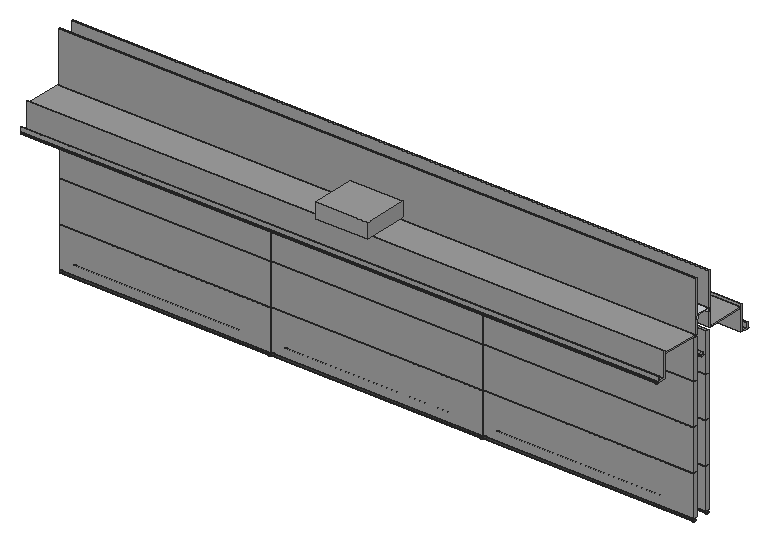
Revit family "Partition-4_Panels_High-Skyfold_Classic_Zenith-7-0_to_8-0_FC_2150_to_2440", category Generic Models, host Ceiling, Revit 2026 (continued)
Definition of nested family "2D Unfold Panels"
  Definition of nested family "vert fin bas"
    Lines and regions (in)
      model lines, in view "Ref. Level"
        curve 9: arc (0.31854, -6.01609, 0) -> (0.67056, -5.87118, 0) -> (0.81855, -5.52045, 0) r 0.50003
        curve 10: arc (0.81855, -5.52045, 0) -> (0.80449, -5.43168, 0) -> (0.75606, -5.35598, 0) r 0.21963
        curve 11: arc (-1.11903, -5.35598, 0) -> (-1.16746, -5.43168, 0) -> (-1.18152, -5.52045, 0) r 0.21963
        curve 12: arc (-1.18152, -5.52045, 0) -> (-1.03353, -5.87118, 0) -> (-0.68151, -6.01609, 0) r 0.50003
        curve 13: arc (-0.4315, -4.98096, 0) -> (-0.3431, -4.94435, 0) -> (-0.30649, -4.85595, 0) r 0.12501
        curve 14: arc (-0.05648, -4.85595, 0) -> (-0.01987, -4.94435, 0) -> (0.06853, -4.98096, 0) r 0.12501
        curve 15: arc (-1.18153, -4.85595, 0) -> (-1.26993, -4.89257, 0) -> (-1.30654, -4.98096, 0) r 0.12501
        curve 16: arc (-1.30654, -5.51606, 0) -> (-1.12347, -5.95803, 0) -> (-0.68151, -6.14109, 0) r 0.62503
        curve 17: arc (0.31854, -6.14109, 0) -> (0.7605, -5.95803, 0) -> (0.94357, -5.51606, 0) r 0.62503
        curve 18: arc (0.94357, -4.98096, 0) -> (0.90696, -4.89257, 0) -> (0.81857, -4.85595, 0) r 0.12501
        curve 19: line (-0.68151, -6.01609, 0) -> (0.31854, -6.01609, 0)
        curve 20: line (0.75606, -5.35598, 0) -> (-1.11903, -5.35598, 0)
        curve 21: line (0.06853, -4.98096, 0) -> (0.81857, -4.98096, 0)
        curve 22: line (0.81857, -4.98096, 0) -> (0.81857, -5.23097, 0)
        curve 23: line (0.81857, -5.23097, 0) -> (-1.18153, -5.23097, 0)
        curve 24: line (-1.18153, -5.23097, 0) -> (-1.18153, -4.98096, 0)
        curve 25: line (-1.18153, -4.98096, 0) -> (-0.4315, -4.98096, 0)
        curve 26: line (-0.30649, -4.85595, 0) -> (-0.30649, -3.23087, 0)
        curve 27: line (-0.30649, -3.23087, 0) -> (-0.05648, -3.23087, 0)
        curve 28: line (-0.05648, -3.23087, 0) -> (-0.05648, -4.85595, 0)
        curve 29: line (-0.93152, -4.98096, 0) -> (-0.93152, -4.85595, 0)
        curve 30: line (-0.93152, -4.85595, 0) -> (-1.18153, -4.85595, 0)
        curve 31: line (-1.30654, -4.98096, 0) -> (-1.30654, -5.51606, 0)
        curve 32: line (-0.68151, -6.14109, 0) -> (0.31854, -6.14109, 0)
        curve 33: line (0.94357, -5.51606, 0) -> (0.94357, -4.98096, 0)
        curve 34: line (0.81857, -4.85595, 0) -> (0.56855, -4.85595, 0)
        curve 35: line (0.56855, -4.85595, 0) -> (0.56855, -4.98096, 0)
      detail lines, in view "Ref. Level"
        curve 36: arc (5.68367, -5.84526, 0) -> (5.25399, -6.27494, 0) -> (4.8243, -5.84526, 0) r 0.42968
        curve 37: line (5.69353, 0.00284, 0) -> (5.69353, -4.27482, 0)
        curve 38: line (5.69353, -4.27482, 0) -> (5.44351, -4.27482, 0)
        curve 39: line (5.44351, -4.27482, 0) -> (5.68367, -5.84526, 0)
        curve 40: line (4.8243, -5.84526, 0) -> (5.07336, -4.24357, 0)
        curve 41: line (5.07336, -4.24357, 0) -> (4.46422, -4.24357, 0)
        curve 42: line (4.46422, -4.24357, 0) -> (3.44341, -3.22277, 0)
        curve 43: line (3.44341, -3.22277, 0) -> (3.44341, 0.00284, 0)
    Dimensions and locks (in)
      equal spacing: plane 4, plane 3 "Center (Left/Right)", plane 5
      "Wall thickness": plane 4 to plane 5
    Automatic sketch dimensions
      curve 9 to curve 17 = 0' - 0"  (x2)
      curve 12 to curve 16 = 0' - 0"  (x2)
      curve 2 to plane 4 = 0' - 0"
      curve 37 to plane 5 = 0' - 0"
      plane 4 to curve 4 = 0' - 0.00986"
      curve 2 to curve 4 = 0' - 0 1/4"
      curve 1 to curve 1 = 0' - 0 55/128"
      curve 3 to curve 5 = 0' - 0.37016"
      curve 5 to curve 6 = 0' - 0.60914"
      curve 6 to curve 8 = 0' - 1.0208"
      curve 31 to plane 3 "Center (Left/Right)" = 0' - 1.12507"
      curve 15 to curve 24 = 0' - 0 1/8"
      curve 15 to curve 24 = 0' - 0"  (x2)
      curve 31 to curve 11 = 0' - 0.12503"
      curve 23 to curve 20 = 0' - 0 1/16"
      curve 20 to curve 11 = 0' - 0.15689"
      curve 24 to curve 29 = 0' - 0 1/4"
      curve 12 to plane 3 "Center (Left/Right)" = 0' - 0.50004"
      curve 13 to plane 3 "Center (Left/Right)" = 0' - 0.25002"
      curve 26 to plane 3 "Center (Left/Right)" = 0' - 0 1/8"
      plane 3 "Center (Left/Right)" to curve 28 = 0' - 0 1/8"
      curve 14 to curve 21 = 0' - 0 1/8"
      plane 3 "Center (Left/Right)" to curve 32 = 0' - 0 1/2"
      curve 14 to curve 34 = 0' - 0.50002"
      curve 9 to curve 10 = 0' - 0.28063"
      curve 10 to curve 20 = 0' - 0.15689"
      curve 20 to curve 10 = 0' - 0 1/16"
      curve 35 to curve 21 = 0' - 0 1/4"
      curve 18 to curve 21 = 0' - 0"
      curve 9 to curve 17 = 0' - 0.12503"
      curve 43 to plane 5 = 0' - 2.25011"
      curve 42 to plane 5 = 0' - 1.22931"
      curve 40 to plane 5 = 0' - 0.86922"
      curve 41 to curve 40 = 0' - 0.60914"
      curve 36 to curve 36 = 0' - 0 55/128"
      curve 38 to plane 5 = 0' - 0 1/4"
      plane 1 "Center (Front/Back)" to curve 32 = 0' - 6.14109"
      curve 16 to curve 19 = 0' - 0 1/8"
      curve 36 to curve 33 = 0' - 0.3292"
      curve 5 to curve 16 = 0' - 0.3292"
      curve 11 to curve 11 = 0' - 0.01076"
      curve 10 to curve 23 = 0' - 0 1/8"
      curve 22 to curve 33 = 0' - 0 1/4"
      curve 12 to curve 25 = 0' - 0.5351"
      curve 14 to curve 13 = 0' - 0 1/8"
      curve 1 to curve 3 = 0' - 1.57044"
      curve 36 to curve 39 = 0' - 1.57044"
      curve 38 to curve 42 = 0' - 0 1/32"
      curve 3 to curve 7 = 0' - 0 1/32"
      curve 13 to curve 26 = 0' - 1.62508"
      curve 41 to curve 42 = 0' - 1.0208"
      curve 6 to curve 7 = 0' - 1.0208"
      curve 8 to plane 1 "Center (Front/Back)" = 0' - 0.00284"
      curve 37 to plane 1 "Center (Front/Back)" = 0' - 0.00284"
      curve 2 to plane 1 "Center (Front/Back)" = 0' - 0.00284"
      curve 43 to plane 1 "Center (Front/Back)" = 0' - 0.00284"
  Definition of nested family "vert levres"
    Parameters
      Wall thickness = 1' - 0.49535"
      Assembly Code = ""
    Reference planes (in)
      plane 1 "Center (Front/Back)": y = 0
      plane 2: z = 0
      plane 3 "Center (Left/Right)": x = -0.11858
      plane 4: x = -6.36626
      plane 5: x = 6.12909
    Lines and regions (in)
      model lines, in view "Ref. Level"
        curve 1: line (-6.11624, 3.18965, 0) -> (-6.11624, 2.67162, 0)
        curve 2: line (-6.11624, 2.67162, 0) -> (-6.11624, 3.18965, 0)
        curve 3: line (-6.11624, 3.18965, 0) -> (-6.36626, 3.18965, 0)
        curve 4: line (-6.36626, 3.18965, 0) -> (-6.36626, -0.10051, 0)
        curve 5: line (-6.36626, 6.75409, 0) -> (-6.36626, 3.68967, 0)
        curve 6: line (-6.36626, 3.68967, 0) -> (-4.11614, 3.68967, 0)
        curve 7: line (-4.11614, 3.68967, 0) -> (-4.11614, 6.75409, 0)
        curve 8: line (-4.11614, -0.10051, 0) -> (-4.11614, 2.67162, 0)
        curve 9: line (-4.11614, 2.67162, 0) -> (-6.11624, 2.67162, 0)
      detail lines, in view "Ref. Level"
        curve 10: line (5.87908, 3.18965, 0) -> (5.87908, 2.67162, 0)
        curve 11: line (5.87908, 2.67162, 0) -> (5.87908, 3.18965, 0)
        curve 12: line (5.87908, 3.18965, 0) -> (6.12909, 3.18965, 0)
        curve 13: line (6.12909, 3.18965, 0) -> (6.12909, -0.10051, 0)
        curve 14: line (6.12909, 6.75409, 0) -> (6.12909, 3.68967, 0)
        curve 15: line (6.12909, 3.68967, 0) -> (3.87898, 3.68967, 0)
        curve 16: line (3.87898, 3.68967, 0) -> (3.87898, 6.75409, 0)
        curve 17: line (3.87898, -0.10051, 0) -> (3.87898, 2.67162, 0)
        curve 18: line (3.87898, 2.67162, 0) -> (5.87908, 2.67162, 0)
    Dimensions and locks (in)
      equal spacing: plane 4, plane 3 "Center (Left/Right)", plane 5
      "Wall thickness": plane 4 to plane 5
    Automatic sketch dimensions
      curve 5 to plane 4 = 0' - 0"
      curve 4 to plane 4 = 0' - 0"
      curve 14 to plane 5 = 0' - 0"
      curve 13 to plane 5 = 0' - 0"
      plane 4 to curve 2 = 0' - 0 1/4"
      plane 4 to curve 7 = 0' - 2.25011"
      plane 1 "Center (Front/Back)" to curve 8 = 0' - 0.10051"
      curve 4 to curve 8 = 0' - 2.25011"
      curve 18 to plane 5 = 0' - 2.25011"
      curve 16 to curve 17 = 0' - 0"
      curve 11 to curve 12 = 0' - 0 1/4"
      plane 1 "Center (Front/Back)" to curve 4 = 0' - 0.10051"
      plane 1 "Center (Front/Back)" to curve 13 = 0' - 0.10051"
      plane 1 "Center (Front/Back)" to curve 17 = 0' - 0.10051"
      curve 9 to plane 1 "Center (Front/Back)" = 0' - 2.67162"
      curve 10 to plane 1 "Center (Front/Back)" = 0' - 2.67162"
      curve 1 to curve 4 = 0' - 0.51803"
      curve 10 to curve 10 = 0' - 0.51803"
      curve 8 to curve 7 = 0' - 1.01805"
      curve 12 to curve 14 = 0' - 0.50002"
      curve 14 to curve 14 = 0' - 3.06441"
      curve 5 to curve 5 = 0' - 3.06441"
      curve 5 to curve 7 = 0' - 0"
      curve 16 to curve 14 = 0' - 0"
  Definition of nested family "vert biseau"
    Parameters
      Wall thickness = 1' - 5.4034"
      Assembly Code = ""
    Reference planes (in)
      plane 1 "Center (Front/Back)": y = 0
      plane 2: z = 0
      plane 3 "Center (Left/Right)": x = 2.80223
      plane 4: x = -5.89948
      plane 5: x = 11.50393
    Lines and regions (in)
      model lines, in view "Ref. Level"
        curve 1: line (-3.64936, -0.0343, 0) -> (-3.64936, 2.19877, 0)
        curve 2: line (-3.64936, 2.19877, 0) -> (-4.4514, 3.00081, 0)
        curve 3: line (-4.4514, 3.00081, 0) -> (-5.89948, 3.00081, 0)
        curve 4: line (-5.89948, 3.00081, 0) -> (-5.89948, -0.0343, 0)
        curve 5: line (-5.89948, 7.20679, 0) -> (-5.89948, 3.50083, 0)
        curve 6: line (-5.89948, 3.50083, 0) -> (-4.4514, 3.50083, 0)
        curve 7: line (-4.4514, 3.50083, 0) -> (-3.64936, 4.30287, 0)
        curve 8: line (-3.64936, 4.30287, 0) -> (-3.64936, 7.20679, 0)
      detail lines, in view "Ref. Level"
        curve 9: line (9.25381, -0.0343, 0) -> (9.25381, 2.19877, 0)
        curve 10: line (9.25381, 2.19877, 0) -> (10.05585, 3.00081, 0)
        curve 11: line (10.05585, 3.00081, 0) -> (11.50393, 3.00081, 0)
        curve 12: line (11.50393, 3.00081, 0) -> (11.50393, -0.0343, 0)
        curve 13: line (11.50393, 7.20679, 0) -> (11.50393, 3.50083, 0)
        curve 14: line (11.50393, 3.50083, 0) -> (10.05585, 3.50083, 0)
        curve 15: line (10.05585, 3.50083, 0) -> (9.25381, 4.30287, 0)
        curve 16: line (9.25381, 4.30287, 0) -> (9.25381, 7.20679, 0)
    Dimensions and locks (in)
      equal spacing: plane 4, plane 3 "Center (Left/Right)", plane 5
      "Wall thickness": plane 4 to plane 5
    Automatic sketch dimensions
      curve 5 to plane 4 = 0' - 0"
      curve 4 to plane 4 = 0' - 0"
      curve 13 to plane 5 = 0' - 0"
      curve 12 to plane 5 = 0' - 0"
      plane 4 to curve 2 = 0' - 1.44807"
      curve 7 to curve 2 = 0' - 0"
      curve 2 to curve 1 = 0' - 0.80204"
      curve 6 to curve 7 = 0' - 0.80204"  (x2)
      plane 1 "Center (Front/Back)" to curve 9 = 0' - 0.0343"
      curve 9 to plane 5 = 0' - 2.25011"
      curve 16 to curve 9 = 0' - 0"
      curve 9 to curve 11 = 0' - 0.80204"
      curve 15 to curve 10 = 0' - 0"
      plane 1 "Center (Front/Back)" to curve 12 = 0' - 0.0343"
      plane 1 "Center (Front/Back)" to curve 1 = 0' - 0.0343"
      plane 1 "Center (Front/Back)" to curve 4 = 0' - 0.0343"
      curve 10 to plane 1 "Center (Front/Back)" = 0' - 2.19877"
      curve 2 to plane 1 "Center (Front/Back)" = 0' - 2.19877"
      curve 9 to curve 12 = 0' - 0.80204"
      curve 1 to curve 4 = 0' - 0.80204"
      curve 3 to curve 5 = 0' - 0.50003"
      curve 11 to curve 14 = 0' - 0.50003"
      curve 14 to curve 16 = 0' - 0.80204"
      curve 7 to curve 5 = 0' - 2.90391"
      curve 15 to curve 13 = 0' - 2.90391"
      curve 5 to curve 8 = 0' - 0"
      curve 16 to curve 13 = 0' - 0"
  Definition of nested family "vert fin haut"
    Parameters
      Wall thickness = 0' - 11 3/4"
      Assembly Code = ""
    Reference planes (in)
      plane 1 "Center (Front/Back)": y = 0
      plane 2: z = 0
      plane 3 "Center (Left/Right)": x = -1.20859
      plane 4: x = -7.08359
      plane 5: x = 4.66641
    Lines and regions (in)
      detail lines, in view "Ref. Level"
        curve 1: arc (-7.07373, 5.84526, 0) -> (-6.64405, 6.27494, 0) -> (-6.21437, 5.84526, 0) r 0.42968
        curve 2: line (-7.08359, -0.00284, 0) -> (-7.08359, 4.27482, 0)
        curve 3: line (-7.08359, 4.27482, 0) -> (-6.83358, 4.27482, 0)
        curve 4: line (-6.83358, 4.27482, 0) -> (-7.07373, 5.84526, 0)
        curve 5: line (-6.21437, 5.84526, 0) -> (-6.46342, 4.24357, 0)
        curve 6: line (-6.46342, 4.24357, 0) -> (-5.85428, 4.24357, 0)
        curve 7: line (-5.85428, 4.24357, 0) -> (-4.83348, 3.22277, 0)
        curve 8: line (-4.83348, 3.22277, 0) -> (-4.83348, -0.00284, 0)
        curve 9: arc (4.65655, 5.84526, 0) -> (4.22687, 6.27494, 0) -> (3.79718, 5.84526, 0) r 0.42968
        curve 10: line (4.66641, -0.00284, 0) -> (4.66641, 4.27482, 0)
        curve 11: line (4.66641, 4.27482, 0) -> (4.4164, 4.27482, 0)
        curve 12: line (4.4164, 4.27482, 0) -> (4.65655, 5.84526, 0)
        curve 13: line (3.79718, 5.84526, 0) -> (4.04624, 4.24357, 0)
        curve 14: line (4.04624, 4.24357, 0) -> (3.4371, 4.24357, 0)
        curve 15: line (3.4371, 4.24357, 0) -> (2.4163, 3.22277, 0)
        curve 16: line (2.4163, 3.22277, 0) -> (2.4163, -0.00284, 0)
    Dimensions and locks (in)
      equal spacing: plane 4, plane 3 "Center (Left/Right)", plane 5
      "Wall thickness": plane 4 to plane 5
    Automatic sketch dimensions
      curve 2 to plane 4 = 0' - 0"
      curve 10 to plane 5 = 0' - 0"
      plane 4 to curve 1 = 0' - 0.00986"
      plane 4 to curve 3 = 0' - 0 1/4"
      curve 1 to curve 1 = 0' - 0 55/128"
      curve 3 to curve 5 = 0' - 0.37016"
      curve 5 to curve 6 = 0' - 0.60914"
      curve 6 to curve 8 = 0' - 1.0208"
      plane 1 "Center (Front/Back)" to curve 16 = 0' - 0.00284"
      curve 16 to curve 10 = 0' - 2.25011"
      plane 5 to curve 15 = 0' - 1.22931"
      plane 5 to curve 9 = 0' - 0.86922"
      curve 14 to curve 14 = 0' - 0.60914"
      curve 9 to curve 9 = 0' - 0 55/128"
      curve 12 to curve 10 = 0' - 0 1/4"
      plane 1 "Center (Front/Back)" to curve 10 = 0' - 0.00284"
      plane 1 "Center (Front/Back)" to curve 8 = 0' - 0.00284"
      plane 1 "Center (Front/Back)" to curve 2 = 0' - 0.00284"
      curve 16 to plane 1 "Center (Front/Back)" = 0' - 3.22277"
      curve 7 to plane 1 "Center (Front/Back)" = 0' - 3.22277"
      curve 15 to curve 14 = 0' - 1.0208"
      curve 7 to curve 5 = 0' - 1.0208"
      curve 5 to curve 3 = 0' - 0 1/32"
      curve 13 to curve 12 = 0' - 0 1/32"
      curve 2 to curve 1 = 0' - 1.57044"
      curve 10 to curve 12 = 0' - 1.57044"
Definition of nested family "Suspended Ceiling Component"
  Parameters
    Assembly Code = ""
  Reference planes (in)
    plane 1 "Centre (avant/arrière)": y = 0
    plane 2: z = 0
    plane 3 "Centre (gauche/droite)": x = 0
Definition of nested family "construction as per ASTM E557 Component"
  Parameters
    Assembly Code = ""
  Reference planes (in)
    plane 1 "Centre (avant/arrière)": y = 0
    plane 2: z = 0
    plane 3 "Centre (gauche/droite)": x = 0
Definition of nested family "Disclaimer Component"
  Parameters
    Assembly Code = ""
  Reference planes (in)
    plane 1 "Centre (avant/arrière)": y = 0
    plane 2: z = 0
    plane 3 "Centre (gauche/droite)": x = 0
Types (3): name | Total Panel Height | Panel Array | Offset Of Acoustic Barrier | Total Wall Length | Pocket Width"E" | Panel Length | Panel Height"F" | Offset From Ceiling | Center Pantographs | Number Of Panels | Motor Positioning | Height Distance Between  Panels | Distance Between Panels | Finished Ceiling"A" | Beam Height"B" | Acoustic Barrier"C"
  7' - 0" | 7' - 11 1/2" | 3 | 0' - 3" | 35' - 0" | 4' - 8 3/4" | 11' - 7" | 1' - 11 1/2" | 0' - 3" | 2 | 3 | 17' - 6" | 2' - 0" | 11' - 7 1/2" | 7' - 0" | 9' - 2 1/4" | 8' - 2 1/2"
  7' - 6" | 8' - 5 1/2" | 4 | 0' - 0" | 45' - 0" | 4' - 11 3/4" | 11' - 2 1/8" | 2' - 1" | 0' - 0" | 3 | 4 | 16' - 10 15/16" | 2' - 1 1/2" | 11' - 2 5/8" | 7' - 6" | 9' - 5 1/4" | 8' - 8 1/2"
  8' - 0" | 8' - 11 1/2" | 3 | 0' - 0" | 35' - 0" | 5' - 2 3/4" | 11' - 7" | 2' - 2 1/2" | 0' - 0" | 2 | 3 | 17' - 6" | 2' - 3" | 11' - 7 1/2" | 8' - 0" | 10' - 2 1/4" | 9' - 2 1/2"
